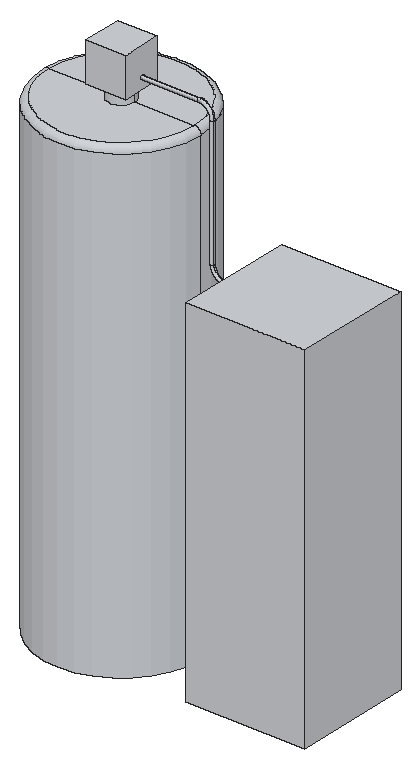
Revit family "bf8d3e27d18b4a9db8b052154c363ccf", category Mechanical Equipment, Revit 2021
Family settings
  Round Connector Dimension = Use Radius
  Part Type = Normal
  OmniClass Number = 23.65.50.11.11.14
  OmniClass Title = Water Softeners
  Seek Item ID = Water Softener - 4-37 GPM-0000-USA-ENU
  Work Plane-Based = No
  Always vertical = Yes
  Cut with Voids When Loaded = No
  Shared = No
  Room Calculation Point = No
Parameters (values of type "37 GPM")
  Voltage = 120 V
  Softener Tank Top Diameter = 1' - 7 3/16"
  Softener Tank Bottom Radius = 1 / 2 * Softener Tank Bottom Diameter  # 1' - 0"
  Softener Tank Material = none
  Softener Tank Height = 6' - 8"
  Softener Tank Bottom Diameter = 2' - 0"
  Sanitary Radius = 1"
  Sanitary Diameter = Sanitary Radius * 2  # 2"
  Pressure Drop [instance] = 415.00 in-wg
  Partial Length = 0' - 3 1/4"
  Overall Length = 2 * Softener Tank Bottom Radius - Brine Tank Width - 0' 1 3/4" + Partial Length  # 0' - 7 1/2"
  Outlet Radius = 1/2"
  Outlet Diameter = Outlet Radius * 2  # 1"
  Number of Poles = 1
  Load Classification = Appliance - Dwelling Unit
  Inlet Radius = 1/2"
  Inlet Diameter = Inlet Radius * 2  # 1"
  Flow [instance] = 37 GPM
  Eductor Material = none
  Default Elevation = 0' - 0"
  Brine Tank Width = Brine Tank Length  # 1' - 6"
  Brine Tank Material = none
  Brine Tank Length = 1' - 6"
  Brine Tank Height = 4' - 6"
  Apparent Load = 10 VA
Types (4): name | Softener Tank Top Diameter | Softener Tank Bottom Radius | Softener Tank Height | Softener Tank Bottom Diameter | Sanitary Radius | Sanitary Diameter | Partial Length | Overall Length | Outlet Radius | Outlet Diameter | Inlet Radius | Inlet Diameter | Flow | Brine Tank Height
  (no name) | 1' - 7 3/16" | 1' - 0" | 6' - 8" | 2' - 0" | 1" | 2" | 0' - 3 1/4" | 0' - 7 1/2" | 1/2" | 1" | 1/2" | 1" | 37 GPM | 4' - 6"
  4 GPM | 0' - 8" | 0' - 5" | 4' - 0" | 0' - 10" | 3/4" | 1 1/2" | 0' - 2 1/4" | -0' - 7 1/2" | 1/4" | 1/2" | 1/4" | 1/2" | 4 GPM | 2' - 6"
  20 GPM | 1' - 4 13/16" | 0' - 10 1/2" | 5' - 10" | 1' - 9" | 1" | 2" | 0' - 2 1/4" | 0' - 3 1/2" | 3/8" | 3/4" | 3/8" | 3/4" | 20 GPM | 4' - 6"
  37 GPM | 1' - 7 3/16" | 1' - 0" | 6' - 8" | 2' - 0" | 1" | 2" | 0' - 3 1/4" | 0' - 7 1/2" | 1/2" | 1" | 1/2" | 1" | 37 GPM | 4' - 6"
Reference planes (in)
  plane 1 "Center (Front/Back)": y = 0
  plane 2: z = 0
  plane 3 "Center (Left/Right)": x = 0
  plane 4: z = 80
  plane 5: z = 74
  plane 6: z = 72
  plane 7: z = 71
  plane 8: x = -12
  plane 9: x = 35
  plane 10: y = 9
  plane 11: y = -9
  plane 12: x = 17
  plane 13: z = 54
  plane 14: x = -3
  plane 15: x = 3
  plane 16: y = 3
  plane 17: y = -3
  plane 18: z = 75.75
  plane 19: z = 52.25
  plane 20: x = 12
  plane 21: x = 13.75
  plane 22: z = 4
  plane 23: x = 26
Forms (in)
  Extrusion 1, solid, material <- "Softener Tank Material"
    sketch origin (0, 0, 0) x (1, 0, 0) y (0, 1, 0)
      loop
        circle (0, 0) r 12
    from 0 to 71
  Extrusion 2, solid, material <- "Brine Tank Material"
    sketch origin (0, 0, 0) x (1, 0, 0) y (0, 1, 0)
      loop
        line (17, 9) -> (17, -9) -> (35, -9) -> (35, 9) -> (17, 9)
    from 0 to 54
  Revolve 3, solid, material <- "Softener Tank Material"
    sketch origin (0, 0, 0) x (1, 0, 0) y (0, 0, 1)
      loop
        line (0, 71) -> (0, 72) -> (-11, 72)
        arc (-11, 72) -> (-11.70711, 71.70711) -> (-12, 71) r 1
        line (-12, 71) -> (0, 71)
      axis (0, 72) -> (0, 71)
    angle from 0 to 360
  Extrusion 4, solid, material <- "Softener Tank Material"
    sketch origin (0, 0, 0) x (1, 0, 0) y (0, 1, 0)
      loop
        circle (0, 0) r 2
    from 72 to 74
  Extrusion 5, solid, material <- "Softener Tank Material"
    sketch origin (0, 0, 0) x (1, 0, 0) y (0, 1, 0)
      loop
        line (-3, 3) -> (-3, -3) -> (3, -3) -> (3, 3) -> (-3, 3)
    from 74 to 80
  Sweep 6, solid, material <- "Eductor Material"
    path origin (0, 0, 0) x (1, 0, 0) y (0, 0, 1)
      loop
        line (3, 75.75) -> (11.75, 75.75)
        arc (11.75, 75.75) -> (13.16421, 75.16421) -> (13.75, 73.75) r 2
        line (13.75, 73.75) -> (13.75, 54.25)
        arc (13.75, 54.25) -> (14.33579, 52.83579) -> (15.75, 52.25) r 2
        line (15.75, 52.25) -> (17, 52.25)
    profile origin (7.375, 0, 75.75) x (0, 0, 1) y (0, -1, 0)
      loop
        circle (0, 0) r 0.25
  Extrusion 7, solid, material <- "Brine Tank Material"
    sketch origin (0, 0, 0) x (1, 0, 0) y (0, 0, 1)
      loop
        circle (26, 4) r 1
    from 0 to 9
Cuts and joins
  joined: Extrusion 2, Extrusion 7
  joined: Extrusion 1, Revolve 3
Dimensions and locks (in)
  "Softener Tank Height": plane 4 to plane 2
  locked: plane 4 to plane 5 at 6
  locked: plane 5 to plane 6 at 2
  locked: plane 6 to plane 7 at 1
  "Softener Tank Bottom Radius": plane 8 to plane 3 "Center (Left/Right)"
  equal spacing: plane 10, plane 1 "Center (Front/Back)", plane 11
  "Brine Tank Width": plane 10 to plane 11
  "Brine Tank Height": plane 13 to plane 2
  plane 16 to plane 1 "Center (Front/Back)" to plane 17 = 0' - 3" locked, 0' - 3" locked
  plane 14 to plane 3 "Center (Left/Right)" to plane 15 = 0' - 3" locked, 0' - 3" locked
  locked: plane 18 to plane 5 at 1.75
  locked: plane 13 to plane 19 at 1.75
  "Softener Tank Bottom Radius": plane 20 to plane 3 "Center (Left/Right)"
  locked: plane 21 to plane 20 at 1.75
  locked: plane 22 to plane 2 at 4
  equal spacing: plane 9, plane 23, plane 12
  "Softener Tank Bottom Radius": plane 3 "Center (Left/Right)" to plane 20
  "Brine Tank Length": plane 12 to plane 9
  "Partial Length": plane 21 to plane 12
  "Softener Tank Bottom Radius": radius of Extrusion 1 sketch curve
  radius of Revolve 3 sketch curve = 0' - 1"
  radius of Extrusion 4 sketch curve = 0' - 2"
  radius of Sweep 6 sketch curve = 0' - 2"  (x2)
  radius of Sweep 6 sketch curve = 0' - 0 1/4"
  radius of Extrusion 7 sketch curve = 0' - 1"
  aligned and locked: plane 1 "Center (Front/Back)" to Extrusion 1 sketch curve
  aligned and locked: plane 3 "Center (Left/Right)" to Extrusion 1 sketch curve
  aligned and locked: plane 7 to Extrusion 1
  aligned and locked: Extrusion 1 to plane 2
  aligned and locked: plane 12 to Extrusion 2 sketch curve
  aligned and locked: Extrusion 2 sketch curve to plane 10
  aligned and locked: plane 11 to Extrusion 2 sketch curve
  aligned and locked: Extrusion 2 sketch curve to plane 9
  aligned and locked: Extrusion 2 to plane 2
  aligned and locked: plane 13 to Extrusion 2
  aligned and locked: Revolve 3 sketch curve to plane 6
  aligned and locked: plane 7 to Revolve 3 sketch curve
  aligned and locked: Revolve 3 sketch curve to plane 3 "Center (Left/Right)"
  aligned and locked: plane 1 "Center (Front/Back)" to Extrusion 4 sketch curve
  aligned and locked: plane 3 "Center (Left/Right)" to Extrusion 4 sketch curve
  aligned and locked: plane 5 to Extrusion 4
  aligned and locked: Extrusion 4 to plane 6
  aligned and locked: plane 14 to Extrusion 5 sketch curve
  aligned and locked: Extrusion 5 sketch curve to plane 16
  aligned and locked: plane 17 to Extrusion 5 sketch curve
  aligned and locked: Extrusion 5 sketch curve to plane 15
  aligned and locked: plane 4 to Extrusion 5
  aligned and locked: Extrusion 5 to plane 5
  aligned and locked: plane 15 to Sweep 6 sketch curve
  aligned and locked: plane 18 to Sweep 6 sketch curve
  aligned and locked: Sweep 6 sketch curve to plane 21
  aligned and locked: plane 12 to Sweep 6 sketch curve
  aligned and locked: plane 19 to Sweep 6 sketch curve
  aligned and locked: plane 22 to Extrusion 7 sketch curve
  aligned and locked: plane 23 to Extrusion 7 sketch curve
  aligned and locked: Extrusion 7 to plane 11
  aligned and locked: Extrusion 7 to plane 1 "Center (Front/Back)"
Automatic sketch dimensions
  Revolve 3 sketch curve to plane 8 = 0' - 0"
  Revolve 3 sketch curve to plane 3 "Center (Left/Right)" = 0' - 0"
  Revolve 3 sketch curve to plane 7 = 0' - 0"
  Revolve 3 sketch curve to plane 6 = 0' - 0"
  Sweep 6 sketch curve to plane 1 "Center (Front/Back)" = 0' - 0"
  Sweep 6 sketch curve to profile plane = 0' - 0"
  Extrusion 7 sketch curve to plane 22 = 0' - 0"
Connectors (in)
  piping at (3, 0, 77), diameter 1, driven by "Inlet Radius", driven by "Flow"
    settings: on Extrusion 5, index 1, connector inside diameter 1", connector length 0' - 0", flow factor 0, pipe flow 37 GPM, pressure drop 0.00 psi, fitting loss kfactor 0, connector angle 0.00°, fixture units 0, engagement length 0' - 0", angle of deflection 0.00°, flow configuration 1, flow direction 1, fitting loss method 4, system type 20, joint type 0, gender type 0, connector reference index -1, connector utility 0, adjustable connector no, is connector primary yes, connector description "In"
  piping at (0, 0, 80), diameter 1, driven by "Outlet Radius", driven by "Flow", driven by "Pressure Drop"
    settings: on Extrusion 5, index 2, connector inside diameter 1", connector length 0' - 0", flow factor 0, pipe flow 37 GPM, pressure drop 14.9778 psi, fitting loss kfactor 0, connector angle 0.00°, fixture units 0, engagement length 0' - 0", angle of deflection 0.00°, flow configuration 0, flow direction 2, fitting loss method 4, system type 20, joint type 0, gender type 0, connector reference index -1, connector utility 0, adjustable connector no, is connector primary no, connector description "Out"
  piping at (26, -9, 4), diameter 2, driven by "Sanitary Radius"
    settings: on Extrusion 7, index 3, connector inside diameter 2", connector length 0' - 0", flow factor 0, pipe flow 0 GPM, pressure drop 0.00 psi, fitting loss kfactor 0, connector angle 0.00°, fixture units 0, engagement length 0' - 0", angle of deflection 0.00°, flow configuration 1, flow direction 2, fitting loss method 4, system type 16, joint type 0, gender type 0, connector reference index -1, connector utility 0, adjustable connector yes, is connector primary no, connector description "Sanitary"
  electrical at (-3, 0, 77), driven by "Apparent Load", driven by "Voltage", driven by "Number of Poles", driven by "Load Classification"
    settings: on Extrusion 5, index 4, voltage 120 V, apparent load 10 VA, apparent load phase1 0 VA, apparent load phase2 0 VA, apparent load phase3 0 VA, power factor 0.8, load classification "Appliance - Dwelling Unit", number of poles 1, system type 30, power factor state 1, is connector primary yes, connector utility no, sub classification motor no, connector description ""
